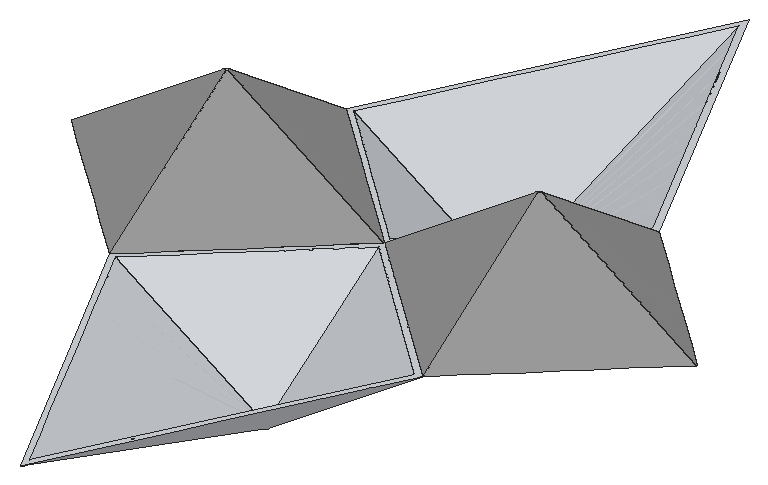
Revit family "CLD-FCT-016_KITE_RTV", category Modelos genéricos, Revit 2022 (continued)
Definition of nested family "CLD-FCT-016_KITE_2_RTV"
  Forms (in)
    Extrusion 307, solid, not visible
      sketch origin (-38.13338, 0.00149, -1.20924) x (0, 1, 0) y (0, 0, -1)
        loop
          line (0.96881, 1.14538) -> (0.96881, -1.85462) -> (0.65631, -1.85462) -> (0.65631, -2.35462) -> (0.96881, -2.35462) -> (3.48948, -2.35462) -> (3.48948, -0.60462) -> (4.19814, -0.60462) -> (4.19814, -2.35462) -> (9.23948, -2.35462) -> (9.23948, -0.60462) -> (9.94814, -0.60462) -> (9.94814, -2.35462) -> (14.98948, -2.35462) -> (14.98948, -0.60462) -> (15.69814, -0.60462) -> (15.69814, -2.35462) -> (20.73948, -2.35462) -> (20.73948, -0.60462) -> (21.44814, -0.60462) -> (21.44814, -2.35462) -> (24.28131, -2.35462) -> (24.28131, -1.85462) -> (23.96881, -1.85462) -> (23.96881, 1.14538) -> (0.96881, 1.14538)
      from -3.96341 to -3.49097
    Extrusion 308, solid, not visible
      sketch origin (-32.38338, 0.00149, -1.20924) x (0, 1, 0) y (0, 0, -1)
        loop
          line (0.96881, 1.14538) -> (0.96881, -1.85462) -> (0.65631, -1.85462) -> (0.65631, -2.35462) -> (0.96881, -2.35462) -> (3.48948, -2.35462) -> (3.48948, -0.60462) -> (4.19814, -0.60462) -> (4.19814, -2.35462) -> (9.23948, -2.35462) -> (9.23948, -0.60462) -> (9.94814, -0.60462) -> (9.94814, -2.35462) -> (14.98948, -2.35462) -> (14.98948, -0.60462) -> (15.69814, -0.60462) -> (15.69814, -2.35462) -> (20.73948, -2.35462) -> (20.73948, -0.60462) -> (21.44814, -0.60462) -> (21.44814, -2.35462) -> (24.28131, -2.35462) -> (24.28131, -1.85462) -> (23.96881, -1.85462) -> (23.96881, 1.14538) -> (0.96881, 1.14538)
      from -3.96341 to -3.49097
    Extrusion 309, solid, not visible
      sketch origin (-26.63338, 0.00149, -1.20924) x (0, 1, 0) y (0, 0, -1)
        loop
          line (0.96881, 1.14538) -> (0.96881, -1.85462) -> (0.65631, -1.85462) -> (0.65631, -2.35462) -> (0.96881, -2.35462) -> (3.48948, -2.35462) -> (3.48948, -0.60462) -> (4.19814, -0.60462) -> (4.19814, -2.35462) -> (9.23948, -2.35462) -> (9.23948, -0.60462) -> (9.94814, -0.60462) -> (9.94814, -2.35462) -> (14.98948, -2.35462) -> (14.98948, -0.60462) -> (15.69814, -0.60462) -> (15.69814, -2.35462) -> (20.73948, -2.35462) -> (20.73948, -0.60462) -> (21.44814, -0.60462) -> (21.44814, -2.35462) -> (24.28131, -2.35462) -> (24.28131, -1.85462) -> (23.96881, -1.85462) -> (23.96881, 1.14538) -> (0.96881, 1.14538)
      from -3.96341 to -3.49097
    Extrusion 310, solid, not visible
      sketch origin (-44, 0, 0) x (1, 0, 0) y (0, 0, 1)
        loop
          line (0.96881, 0.64538) -> (0.96881, -2.35462) -> (3.48948, -2.35462) -> (3.48948, -0.60462) -> (4.19814, -0.60462) -> (4.19814, -2.35462) -> (9.23948, -2.35462) -> (9.23948, -0.60462) -> (9.94814, -0.60462) -> (9.94814, -2.35462) -> (14.98948, -2.35462) -> (14.98948, -0.60462) -> (15.69814, -0.60462) -> (15.69814, -2.35462) -> (20.73948, -2.35462) -> (20.73948, -0.60462) -> (21.44814, -0.60462) -> (21.44814, -2.35462) -> (23.96881, -2.35462) -> (23.96881, 0.64538) -> (24.28131, 0.64538) -> (24.28131, 1.14538) -> (0.65631, 1.14538) -> (0.65631, 0.64538) -> (0.96881, 0.64538)
      from -3.60908 to -3.49097
    Extrusion 311, solid, not visible
      sketch origin (-44, 0, 0) x (1, 0, 0) y (0, 0, 1)
        loop
          line (0.96881, 0.64538) -> (0.96881, -2.35462) -> (3.48948, -2.35462) -> (3.48948, -0.60462) -> (4.19814, -0.60462) -> (4.19814, -2.35462) -> (9.23948, -2.35462) -> (9.23948, -0.60462) -> (9.94814, -0.60462) -> (9.94814, -2.35462) -> (14.98948, -2.35462) -> (14.98948, -0.60462) -> (15.69814, -0.60462) -> (15.69814, -2.35462) -> (20.73948, -2.35462) -> (20.73948, -0.60462) -> (21.44814, -0.60462) -> (21.44814, -2.35462) -> (23.96881, -2.35462) -> (23.96881, 0.64538) -> (24.28131, 0.64538) -> (24.28131, 1.14538) -> (0.65631, 1.14538) -> (0.65631, 0.64538) -> (0.96881, 0.64538)
      from -4.08152 to -3.60908
    Extrusion 312, solid, not visible
      sketch origin (-44, 0, 0) x (1, 0, 0) y (0, 0, 1)
        loop
          line (0.96881, 0.64538) -> (0.96881, -2.35462) -> (3.48948, -2.35462) -> (3.48948, -0.60462) -> (4.19814, -0.60462) -> (4.19814, -2.35462) -> (9.23948, -2.35462) -> (9.23948, -0.60462) -> (9.94814, -0.60462) -> (9.94814, -2.35462) -> (14.98948, -2.35462) -> (14.98948, -0.60462) -> (15.69814, -0.60462) -> (15.69814, -2.35462) -> (20.73948, -2.35462) -> (20.73948, -0.60462) -> (21.44814, -0.60462) -> (21.44814, -2.35462) -> (23.96881, -2.35462) -> (23.96881, 0.64538) -> (24.28131, 0.64538) -> (24.28131, 1.14538) -> (0.65631, 1.14538) -> (0.65631, 0.64538) -> (0.96881, 0.64538)
      from -4.19963 to -4.08152
    Extrusion 313, solid, not visible
      sketch origin (-44.00149, 0.00149, -1.20924) x (0, 1, 0) y (0, 0, -1)
        loop
          line (0.96881, 1.14538) -> (0.96881, -1.85462) -> (0.65631, -1.85462) -> (0.65631, -2.35462) -> (0.96881, -2.35462) -> (3.48948, -2.35462) -> (3.48948, -0.60462) -> (4.19814, -0.60462) -> (4.19814, -2.35462) -> (9.23948, -2.35462) -> (9.23948, -0.60462) -> (9.94814, -0.60462) -> (9.94814, -2.35462) -> (14.98948, -2.35462) -> (14.98948, -0.60462) -> (15.69814, -0.60462) -> (15.69814, -2.35462) -> (20.73948, -2.35462) -> (20.73948, -0.60462) -> (21.44814, -0.60462) -> (21.44814, -2.35462) -> (24.28131, -2.35462) -> (24.28131, -1.85462) -> (23.96881, -1.85462) -> (23.96881, 1.14538) -> (0.96881, 1.14538)
      from -3.60908 to -3.49097
    Extrusion 314, solid, not visible
      sketch origin (-43.88338, 0.00149, -1.20924) x (0, 1, 0) y (0, 0, -1)
        loop
          line (0.96881, 1.14538) -> (0.96881, -1.85462) -> (0.65631, -1.85462) -> (0.65631, -2.35462) -> (0.96881, -2.35462) -> (3.48948, -2.35462) -> (3.48948, -0.60462) -> (4.19814, -0.60462) -> (4.19814, -2.35462) -> (9.23948, -2.35462) -> (9.23948, -0.60462) -> (9.94814, -0.60462) -> (9.94814, -2.35462) -> (14.98948, -2.35462) -> (14.98948, -0.60462) -> (15.69814, -0.60462) -> (15.69814, -2.35462) -> (20.73948, -2.35462) -> (20.73948, -0.60462) -> (21.44814, -0.60462) -> (21.44814, -2.35462) -> (24.28131, -2.35462) -> (24.28131, -1.85462) -> (23.96881, -1.85462) -> (23.96881, 1.14538) -> (0.96881, 1.14538)
      from -3.96341 to -3.49097
    Extrusion 315, solid, not visible
      sketch origin (-44.00149, 0.00149, -1.20924) x (0, 1, 0) y (0, 0, -1)
        loop
          line (0.96881, 1.14538) -> (0.96881, -1.85462) -> (0.65631, -1.85462) -> (0.65631, -2.35462) -> (0.96881, -2.35462) -> (3.48948, -2.35462) -> (3.48948, -0.60462) -> (4.19814, -0.60462) -> (4.19814, -2.35462) -> (9.23948, -2.35462) -> (9.23948, -0.60462) -> (9.94814, -0.60462) -> (9.94814, -2.35462) -> (14.98948, -2.35462) -> (14.98948, -0.60462) -> (15.69814, -0.60462) -> (15.69814, -2.35462) -> (20.73948, -2.35462) -> (20.73948, -0.60462) -> (21.44814, -0.60462) -> (21.44814, -2.35462) -> (24.28131, -2.35462) -> (24.28131, -1.85462) -> (23.96881, -1.85462) -> (23.96881, 1.14538) -> (0.96881, 1.14538)
      from -4.19963 to -4.08152
    Extrusion 316, solid, not visible
      sketch origin (-44, 0, 0) x (1, 0, 0) y (0, 0, 1)
        loop
          line (0.96881, 0.64538) -> (0.96881, -2.35462) -> (3.48948, -2.35462) -> (3.48948, -0.60462) -> (4.19814, -0.60462) -> (4.19814, -2.35462) -> (9.23948, -2.35462) -> (9.23948, -0.60462) -> (9.94814, -0.60462) -> (9.94814, -2.35462) -> (14.98948, -2.35462) -> (14.98948, -0.60462) -> (15.69814, -0.60462) -> (15.69814, -2.35462) -> (20.73948, -2.35462) -> (20.73948, -0.60462) -> (21.44814, -0.60462) -> (21.44814, -2.35462) -> (23.96881, -2.35462) -> (23.96881, 0.64538) -> (24.28131, 0.64538) -> (24.28131, 1.14538) -> (0.65631, 1.14538) -> (0.65631, 0.64538) -> (0.96881, 0.64538)
      from -9.94963 to -9.83152
    Extrusion 317, solid, not visible
      sketch origin (-44, 0, 0) x (1, 0, 0) y (0, 0, 1)
        loop
          line (0.96881, 0.64538) -> (0.96881, -2.35462) -> (3.48948, -2.35462) -> (3.48948, -0.60462) -> (4.19814, -0.60462) -> (4.19814, -2.35462) -> (9.23948, -2.35462) -> (9.23948, -0.60462) -> (9.94814, -0.60462) -> (9.94814, -2.35462) -> (14.98948, -2.35462) -> (14.98948, -0.60462) -> (15.69814, -0.60462) -> (15.69814, -2.35462) -> (20.73948, -2.35462) -> (20.73948, -0.60462) -> (21.44814, -0.60462) -> (21.44814, -2.35462) -> (23.96881, -2.35462) -> (23.96881, 0.64538) -> (24.28131, 0.64538) -> (24.28131, 1.14538) -> (0.65631, 1.14538) -> (0.65631, 0.64538) -> (0.96881, 0.64538)
      from -9.35908 to -9.24097
    Extrusion 318, solid, not visible
      sketch origin (-44, 0, 0) x (1, 0, 0) y (0, 0, 1)
        loop
          line (0.96881, 0.64538) -> (0.96881, -2.35462) -> (3.48948, -2.35462) -> (3.48948, -0.60462) -> (4.19814, -0.60462) -> (4.19814, -2.35462) -> (9.23948, -2.35462) -> (9.23948, -0.60462) -> (9.94814, -0.60462) -> (9.94814, -2.35462) -> (14.98948, -2.35462) -> (14.98948, -0.60462) -> (15.69814, -0.60462) -> (15.69814, -2.35462) -> (20.73948, -2.35462) -> (20.73948, -0.60462) -> (21.44814, -0.60462) -> (21.44814, -2.35462) -> (23.96881, -2.35462) -> (23.96881, 0.64538) -> (24.28131, 0.64538) -> (24.28131, 1.14538) -> (0.65631, 1.14538) -> (0.65631, 0.64538) -> (0.96881, 0.64538)
      from -9.83152 to -9.35908
    Extrusion 319, solid, not visible
      sketch origin (-44, 0, 0) x (1, 0, 0) y (0, 0, 1)
        loop
          line (0.96881, 0.64538) -> (0.96881, -2.35462) -> (3.48948, -2.35462) -> (3.48948, -0.60462) -> (4.19814, -0.60462) -> (4.19814, -2.35462) -> (9.23948, -2.35462) -> (9.23948, -0.60462) -> (9.94814, -0.60462) -> (9.94814, -2.35462) -> (14.98948, -2.35462) -> (14.98948, -0.60462) -> (15.69814, -0.60462) -> (15.69814, -2.35462) -> (20.73948, -2.35462) -> (20.73948, -0.60462) -> (21.44814, -0.60462) -> (21.44814, -2.35462) -> (23.96881, -2.35462) -> (23.96881, 0.64538) -> (24.28131, 0.64538) -> (24.28131, 1.14538) -> (0.65631, 1.14538) -> (0.65631, 0.64538) -> (0.96881, 0.64538)
      from -15.69963 to -15.58152
    Extrusion 320, solid, not visible
      sketch origin (-44, 0, 0) x (1, 0, 0) y (0, 0, 1)
        loop
          line (0.96881, 0.64538) -> (0.96881, -2.35462) -> (3.48948, -2.35462) -> (3.48948, -0.60462) -> (4.19814, -0.60462) -> (4.19814, -2.35462) -> (9.23948, -2.35462) -> (9.23948, -0.60462) -> (9.94814, -0.60462) -> (9.94814, -2.35462) -> (14.98948, -2.35462) -> (14.98948, -0.60462) -> (15.69814, -0.60462) -> (15.69814, -2.35462) -> (20.73948, -2.35462) -> (20.73948, -0.60462) -> (21.44814, -0.60462) -> (21.44814, -2.35462) -> (23.96881, -2.35462) -> (23.96881, 0.64538) -> (24.28131, 0.64538) -> (24.28131, 1.14538) -> (0.65631, 1.14538) -> (0.65631, 0.64538) -> (0.96881, 0.64538)
      from -15.10908 to -14.99097
    Extrusion 321, solid, not visible
      sketch origin (-44, 0, 0) x (1, 0, 0) y (0, 0, 1)
        loop
          line (0.96881, 0.64538) -> (0.96881, -2.35462) -> (3.48948, -2.35462) -> (3.48948, -0.60462) -> (4.19814, -0.60462) -> (4.19814, -2.35462) -> (9.23948, -2.35462) -> (9.23948, -0.60462) -> (9.94814, -0.60462) -> (9.94814, -2.35462) -> (14.98948, -2.35462) -> (14.98948, -0.60462) -> (15.69814, -0.60462) -> (15.69814, -2.35462) -> (20.73948, -2.35462) -> (20.73948, -0.60462) -> (21.44814, -0.60462) -> (21.44814, -2.35462) -> (23.96881, -2.35462) -> (23.96881, 0.64538) -> (24.28131, 0.64538) -> (24.28131, 1.14538) -> (0.65631, 1.14538) -> (0.65631, 0.64538) -> (0.96881, 0.64538)
      from -15.58152 to -15.10908
    Extrusion 322, solid, not visible
      sketch origin (-44, 0, 0) x (1, 0, 0) y (0, 0, 1)
        loop
          line (0.96881, 0.64538) -> (0.96881, -2.35462) -> (3.48948, -2.35462) -> (3.48948, -0.60462) -> (4.19814, -0.60462) -> (4.19814, -2.35462) -> (9.23948, -2.35462) -> (9.23948, -0.60462) -> (9.94814, -0.60462) -> (9.94814, -2.35462) -> (14.98948, -2.35462) -> (14.98948, -0.60462) -> (15.69814, -0.60462) -> (15.69814, -2.35462) -> (20.73948, -2.35462) -> (20.73948, -0.60462) -> (21.44814, -0.60462) -> (21.44814, -2.35462) -> (23.96881, -2.35462) -> (23.96881, 0.64538) -> (24.28131, 0.64538) -> (24.28131, 1.14538) -> (0.65631, 1.14538) -> (0.65631, 0.64538) -> (0.96881, 0.64538)
      from -21.44963 to -21.33152
    Extrusion 323, solid, not visible
      sketch origin (-44, 0, 0) x (1, 0, 0) y (0, 0, 1)
        loop
          line (0.96881, 0.64538) -> (0.96881, -2.35462) -> (3.48948, -2.35462) -> (3.48948, -0.60462) -> (4.19814, -0.60462) -> (4.19814, -2.35462) -> (9.23948, -2.35462) -> (9.23948, -0.60462) -> (9.94814, -0.60462) -> (9.94814, -2.35462) -> (14.98948, -2.35462) -> (14.98948, -0.60462) -> (15.69814, -0.60462) -> (15.69814, -2.35462) -> (20.73948, -2.35462) -> (20.73948, -0.60462) -> (21.44814, -0.60462) -> (21.44814, -2.35462) -> (23.96881, -2.35462) -> (23.96881, 0.64538) -> (24.28131, 0.64538) -> (24.28131, 1.14538) -> (0.65631, 1.14538) -> (0.65631, 0.64538) -> (0.96881, 0.64538)
      from -20.85908 to -20.74097
    Extrusion 324, solid, not visible
      sketch origin (-44, 0, 0) x (1, 0, 0) y (0, 0, 1)
        loop
          line (0.96881, 0.64538) -> (0.96881, -2.35462) -> (3.48948, -2.35462) -> (3.48948, -0.60462) -> (4.19814, -0.60462) -> (4.19814, -2.35462) -> (9.23948, -2.35462) -> (9.23948, -0.60462) -> (9.94814, -0.60462) -> (9.94814, -2.35462) -> (14.98948, -2.35462) -> (14.98948, -0.60462) -> (15.69814, -0.60462) -> (15.69814, -2.35462) -> (20.73948, -2.35462) -> (20.73948, -0.60462) -> (21.44814, -0.60462) -> (21.44814, -2.35462) -> (23.96881, -2.35462) -> (23.96881, 0.64538) -> (24.28131, 0.64538) -> (24.28131, 1.14538) -> (0.65631, 1.14538) -> (0.65631, 0.64538) -> (0.96881, 0.64538)
      from -21.33152 to -20.85908
    Extrusion 325, solid, not visible
      sketch origin (-38.25149, 0.00149, -1.20924) x (0, 1, 0) y (0, 0, -1)
        loop
          line (0.96881, 1.14538) -> (0.96881, -1.85462) -> (0.65631, -1.85462) -> (0.65631, -2.35462) -> (0.96881, -2.35462) -> (3.48948, -2.35462) -> (3.48948, -0.60462) -> (4.19814, -0.60462) -> (4.19814, -2.35462) -> (9.23948, -2.35462) -> (9.23948, -0.60462) -> (9.94814, -0.60462) -> (9.94814, -2.35462) -> (14.98948, -2.35462) -> (14.98948, -0.60462) -> (15.69814, -0.60462) -> (15.69814, -2.35462) -> (20.73948, -2.35462) -> (20.73948, -0.60462) -> (21.44814, -0.60462) -> (21.44814, -2.35462) -> (24.28131, -2.35462) -> (24.28131, -1.85462) -> (23.96881, -1.85462) -> (23.96881, 1.14538) -> (0.96881, 1.14538)
      from -4.19963 to -4.08152
    Extrusion 326, solid, not visible
      sketch origin (-38.84204, 0.00149, -1.20924) x (0, 1, 0) y (0, 0, -1)
        loop
          line (0.96881, 1.14538) -> (0.96881, -1.85462) -> (0.65631, -1.85462) -> (0.65631, -2.35462) -> (0.96881, -2.35462) -> (3.48948, -2.35462) -> (3.48948, -0.60462) -> (4.19814, -0.60462) -> (4.19814, -2.35462) -> (9.23948, -2.35462) -> (9.23948, -0.60462) -> (9.94814, -0.60462) -> (9.94814, -2.35462) -> (14.98948, -2.35462) -> (14.98948, -0.60462) -> (15.69814, -0.60462) -> (15.69814, -2.35462) -> (20.73948, -2.35462) -> (20.73948, -0.60462) -> (21.44814, -0.60462) -> (21.44814, -2.35462) -> (24.28131, -2.35462) -> (24.28131, -1.85462) -> (23.96881, -1.85462) -> (23.96881, 1.14538) -> (0.96881, 1.14538)
      from -4.19963 to -4.08152
    Extrusion 327, solid, not visible
      sketch origin (-32.50149, 0.00149, -1.20924) x (0, 1, 0) y (0, 0, -1)
        loop
          line (0.96881, 1.14538) -> (0.96881, -1.85462) -> (0.65631, -1.85462) -> (0.65631, -2.35462) -> (0.96881, -2.35462) -> (3.48948, -2.35462) -> (3.48948, -0.60462) -> (4.19814, -0.60462) -> (4.19814, -2.35462) -> (9.23948, -2.35462) -> (9.23948, -0.60462) -> (9.94814, -0.60462) -> (9.94814, -2.35462) -> (14.98948, -2.35462) -> (14.98948, -0.60462) -> (15.69814, -0.60462) -> (15.69814, -2.35462) -> (20.73948, -2.35462) -> (20.73948, -0.60462) -> (21.44814, -0.60462) -> (21.44814, -2.35462) -> (24.28131, -2.35462) -> (24.28131, -1.85462) -> (23.96881, -1.85462) -> (23.96881, 1.14538) -> (0.96881, 1.14538)
      from -4.19963 to -4.08152
    Extrusion 328, solid, not visible
      sketch origin (-33.09204, 0.00149, -1.20924) x (0, 1, 0) y (0, 0, -1)
        loop
          line (0.96881, 1.14538) -> (0.96881, -1.85462) -> (0.65631, -1.85462) -> (0.65631, -2.35462) -> (0.96881, -2.35462) -> (3.48948, -2.35462) -> (3.48948, -0.60462) -> (4.19814, -0.60462) -> (4.19814, -2.35462) -> (9.23948, -2.35462) -> (9.23948, -0.60462) -> (9.94814, -0.60462) -> (9.94814, -2.35462) -> (14.98948, -2.35462) -> (14.98948, -0.60462) -> (15.69814, -0.60462) -> (15.69814, -2.35462) -> (20.73948, -2.35462) -> (20.73948, -0.60462) -> (21.44814, -0.60462) -> (21.44814, -2.35462) -> (24.28131, -2.35462) -> (24.28131, -1.85462) -> (23.96881, -1.85462) -> (23.96881, 1.14538) -> (0.96881, 1.14538)
      from -4.19963 to -4.08152
    Extrusion 329, solid, not visible
      sketch origin (-27.34204, 0.00149, -1.20924) x (0, 1, 0) y (0, 0, -1)
        loop
          line (0.96881, 1.14538) -> (0.96881, -1.85462) -> (0.65631, -1.85462) -> (0.65631, -2.35462) -> (0.96881, -2.35462) -> (3.48948, -2.35462) -> (3.48948, -0.60462) -> (4.19814, -0.60462) -> (4.19814, -2.35462) -> (9.23948, -2.35462) -> (9.23948, -0.60462) -> (9.94814, -0.60462) -> (9.94814, -2.35462) -> (14.98948, -2.35462) -> (14.98948, -0.60462) -> (15.69814, -0.60462) -> (15.69814, -2.35462) -> (20.73948, -2.35462) -> (20.73948, -0.60462) -> (21.44814, -0.60462) -> (21.44814, -2.35462) -> (24.28131, -2.35462) -> (24.28131, -1.85462) -> (23.96881, -1.85462) -> (23.96881, 1.14538) -> (0.96881, 1.14538)
      from -4.19963 to -4.08152
    Extrusion 330, solid, not visible
      sketch origin (-26.75149, 0.00149, -1.20924) x (0, 1, 0) y (0, 0, -1)
        loop
          line (0.96881, 1.14538) -> (0.96881, -1.85462) -> (0.65631, -1.85462) -> (0.65631, -2.35462) -> (0.96881, -2.35462) -> (3.48948, -2.35462) -> (3.48948, -0.60462) -> (4.19814, -0.60462) -> (4.19814, -2.35462) -> (9.23948, -2.35462) -> (9.23948, -0.60462) -> (9.94814, -0.60462) -> (9.94814, -2.35462) -> (14.98948, -2.35462) -> (14.98948, -0.60462) -> (15.69814, -0.60462) -> (15.69814, -2.35462) -> (20.73948, -2.35462) -> (20.73948, -0.60462) -> (21.44814, -0.60462) -> (21.44814, -2.35462) -> (24.28131, -2.35462) -> (24.28131, -1.85462) -> (23.96881, -1.85462) -> (23.96881, 1.14538) -> (0.96881, 1.14538)
      from -4.19963 to -4.08152
    Extrusion 331, solid, not visible
      sketch origin (-38.13338, 0.00149, -1.20924) x (0, 1, 0) y (0, 0, -1)
        loop
          line (0.96881, 1.14538) -> (0.96881, -1.85462) -> (0.65631, -1.85462) -> (0.65631, -2.35462) -> (0.96881, -2.35462) -> (3.48948, -2.35462) -> (3.48948, -0.60462) -> (4.19814, -0.60462) -> (4.19814, -2.35462) -> (9.23948, -2.35462) -> (9.23948, -0.60462) -> (9.94814, -0.60462) -> (9.94814, -2.35462) -> (14.98948, -2.35462) -> (14.98948, -0.60462) -> (15.69814, -0.60462) -> (15.69814, -2.35462) -> (20.73948, -2.35462) -> (20.73948, -0.60462) -> (21.44814, -0.60462) -> (21.44814, -2.35462) -> (24.28131, -2.35462) -> (24.28131, -1.85462) -> (23.96881, -1.85462) -> (23.96881, 1.14538) -> (0.96881, 1.14538)
      from -3.96341 to -3.49097
    Extrusion 332, solid, not visible
      sketch origin (-32.38338, 0.00149, -1.20924) x (0, 1, 0) y (0, 0, -1)
        loop
          line (0.96881, 1.14538) -> (0.96881, -1.85462) -> (0.65631, -1.85462) -> (0.65631, -2.35462) -> (0.96881, -2.35462) -> (3.48948, -2.35462) -> (3.48948, -0.60462) -> (4.19814, -0.60462) -> (4.19814, -2.35462) -> (9.23948, -2.35462) -> (9.23948, -0.60462) -> (9.94814, -0.60462) -> (9.94814, -2.35462) -> (14.98948, -2.35462) -> (14.98948, -0.60462) -> (15.69814, -0.60462) -> (15.69814, -2.35462) -> (20.73948, -2.35462) -> (20.73948, -0.60462) -> (21.44814, -0.60462) -> (21.44814, -2.35462) -> (24.28131, -2.35462) -> (24.28131, -1.85462) -> (23.96881, -1.85462) -> (23.96881, 1.14538) -> (0.96881, 1.14538)
      from -3.96341 to -3.49097
    Extrusion 333, solid, not visible
      sketch origin (-26.63338, 0.00149, -1.20924) x (0, 1, 0) y (0, 0, -1)
        loop
          line (0.96881, 1.14538) -> (0.96881, -1.85462) -> (0.65631, -1.85462) -> (0.65631, -2.35462) -> (0.96881, -2.35462) -> (3.48948, -2.35462) -> (3.48948, -0.60462) -> (4.19814, -0.60462) -> (4.19814, -2.35462) -> (9.23948, -2.35462) -> (9.23948, -0.60462) -> (9.94814, -0.60462) -> (9.94814, -2.35462) -> (14.98948, -2.35462) -> (14.98948, -0.60462) -> (15.69814, -0.60462) -> (15.69814, -2.35462) -> (20.73948, -2.35462) -> (20.73948, -0.60462) -> (21.44814, -0.60462) -> (21.44814, -2.35462) -> (24.28131, -2.35462) -> (24.28131, -1.85462) -> (23.96881, -1.85462) -> (23.96881, 1.14538) -> (0.96881, 1.14538)
      from -3.96341 to -3.49097
    Extrusion 334, solid, not visible
      sketch origin (0, 0, 0) x (1, 0, 0) y (0, 1, 0)
        loop
          line (0, 0.11811) -> (0, 0) -> (48, 0) -> (48, 0.11811) -> (0, 0.11811)
      from 0 to 108
    Extrusion 335, solid, not visible
      sketch origin (0, 0, 0) x (1, 0, 0) y (0, 1, 0)
        loop
          line (0, 0.59055) -> (0, 0.11811) -> (48, 0.11811) -> (48, 0.59055) -> (0, 0.59055)
      from 0 to 108
    Extrusion 336, solid, not visible
      sketch origin (20.06218, -10.5, 0) x (0.5, 0.866025, 0) y (-0.866025, 0.5, 0)
        loop
          line (26.12436, 24.24871) -> (1.87564, 24.24871) -> (0, 21) -> (12.12436, 0) -> (36.37307, 0) -> (38.24871, 3.24871) -> (26.12436, 24.24871)
        loop
          line (35.82754, 0.94488) -> (37.15766, 3.24871) -> (25.57883, 23.30383) -> (2.42117, 23.30383) -> (1.09106, 21) -> (12.66988, 0.94488) -> (35.82754, 0.94488)
      from 0 to 10
    Extrusion 337, solid, not visible
      sketch origin (18.18653, 13.74871, 0) x (-0.5, 0.866025, 0) y (-0.866025, -0.5, 0)
        loop
          line (26.12436, 24.24871) -> (1.87564, 24.24871) -> (0, 21) -> (12.12436, 0) -> (36.37307, 0) -> (38.24871, 3.24871) -> (26.12436, 24.24871)
        loop
          line (35.82754, 0.94488) -> (37.15766, 3.24871) -> (25.57883, 23.30383) -> (2.42117, 23.30383) -> (1.09106, 21) -> (12.66988, 0.94488) -> (35.82754, 0.94488)
      from 0 to 10
    Extrusion 338, solid, not visible
      sketch origin (-23.81347, -10.5, 0) x (-0.5, 0.866025, 0) y (-0.866025, -0.5, 0)
        loop
          line (26.12436, -24.24871) -> (38.24871, -3.24871) -> (36.37307, 0) -> (12.12436, 0) -> (0, -21) -> (1.87564, -24.24871) -> (26.12436, -24.24871)
        loop
          line (35.82754, -0.94488) -> (12.66988, -0.94488) -> (1.09106, -21) -> (2.42117, -23.30383) -> (25.57883, -23.30383) -> (37.15766, -3.24871) -> (35.82754, -0.94488)
      from 0 to 10
    Extrusion 339, solid, not visible
      sketch origin (20.06218, 10.5, 0) x (0.5, -0.866025, 0) y (0.866025, 0.5, 0)
        loop
          line (26.12436, -24.24871) -> (38.24871, -3.24871) -> (36.37307, 0) -> (12.12436, 0) -> (0, -21) -> (1.87564, -24.24871) -> (26.12436, -24.24871)
        loop
          line (35.82754, -0.94488) -> (12.66988, -0.94488) -> (1.09106, -21) -> (2.42117, -23.30383) -> (25.57883, -23.30383) -> (37.15766, -3.24871) -> (35.82754, -0.94488)
      from 0 to 10
    Extrusion 340, solid, not visible
      sketch origin (18.18653, -13.74871, 0) x (-0.5, -0.866025, 0) y (0.866025, -0.5, 0)
        loop
          line (26.12436, -24.24871) -> (38.24871, -3.24871) -> (36.37307, 0) -> (12.12436, 0) -> (0, -21) -> (1.87564, -24.24871) -> (26.12436, -24.24871)
        loop
          line (35.82754, -0.94488) -> (12.66988, -0.94488) -> (1.09106, -21) -> (2.42117, -23.30383) -> (25.57883, -23.30383) -> (37.15766, -3.24871) -> (35.82754, -0.94488)
      from 0 to 10
    Extrusion 341, solid, not visible
      sketch origin (-23.81347, 10.5, 0) x (-0.5, -0.866025, 0) y (0.866025, -0.5, 0)
        loop
          line (26.12436, 24.24871) -> (1.87564, 24.24871) -> (0, 21) -> (12.12436, 0) -> (36.37307, 0) -> (38.24871, 3.24871) -> (26.12436, 24.24871)
        loop
          line (35.82754, 0.94488) -> (37.15766, 3.24871) -> (25.57883, 23.30383) -> (2.42117, 23.30383) -> (1.09106, 21) -> (12.66988, 0.94488) -> (35.82754, 0.94488)
      from 0 to 10
    Extrusion 342, solid, not visible
      sketch origin (-21.93782, 13.74871, 0) x (0.5, 0.866025, 0) y (-0.866025, 0.5, 0)
        loop
          line (26.12436, 24.24871) -> (1.87564, 24.24871) -> (0, 21) -> (12.12436, 0) -> (36.37307, 0) -> (38.24871, 3.24871) -> (26.12436, 24.24871)
        loop
          line (35.82754, 0.94488) -> (37.15766, 3.24871) -> (25.57883, 23.30383) -> (2.42117, 23.30383) -> (1.09106, 21) -> (12.66988, 0.94488) -> (35.82754, 0.94488)
      from 0 to 10
    Extrusion 343, solid, not visible
      sketch origin (-21.94005, -13.75, 0) x (0.5, -0.866025, 0) y (0.866025, 0.5, 0)
        loop
          line (26.12436, -24.24871) -> (38.24871, -3.24871) -> (36.37307, 0) -> (12.12436, 0) -> (0, -21) -> (1.87564, -24.24871) -> (26.12436, -24.24871)
        loop
          line (35.82754, -0.94488) -> (12.66988, -0.94488) -> (1.09106, -21) -> (2.42117, -23.30383) -> (25.57883, -23.30383) -> (37.15766, -3.24871) -> (35.82754, -0.94488)
      from 0 to 10
    Extrusion 344, solid, not visible
      sketch origin (60.18877, 10.50129, 0) x (-0.5, -0.866025, 0) y (0.866025, -0.5, 0)
        loop
          line (26.12436, -24.24871) -> (38.24871, -3.24871) -> (36.37307, 0) -> (12.12436, 0) -> (0, -21) -> (1.87564, -24.24871) -> (26.12436, -24.24871)
        loop
          line (35.82754, -0.94488) -> (12.66988, -0.94488) -> (1.09106, -21) -> (2.42117, -23.30383) -> (25.57883, -23.30383) -> (37.15766, -3.24871) -> (35.82754, -0.94488)
      from 0 to 10
    Extrusion 345, solid, not visible
      sketch origin (0, 0, 0) x (1, 0, 0) y (0, 1, 0)
        loop
          line (1.38495, 0.94488) -> (46.11178, 0.94488) -> (23.74836, 39.67946) -> (1.38495, 0.94488)
        loop
          line (47.17101, 0) -> (47.45969, 0.5) -> (24.03704, 41.06922) -> (23.45969, 41.06922) -> (0.03704, 0.5) -> (0.32571, 0) -> (47.17101, 0)
      from 0 to 6
    Extrusion 346, solid, not visible
      sketch origin (0, 0, 0) x (1, 0, 0) y (0, 1, 0)
        loop
          line (2.47701, 2.83638) -> (45.01972, 2.83638) -> (44.51972, 3.70241) -> (2.97701, 3.70241) -> (2.47701, 2.83638)
      from 2.04823 to 4.04823
    Extrusion 347, solid, not visible
      sketch origin (0, 3.8662, 0) x (1, 0, 0) y (0, 1, 0)
        loop
          line (4.70916, 2.83638) -> (42.78757, 2.83638) -> (42.28757, 3.70241) -> (5.20916, 3.70241) -> (4.70916, 2.83638)
      from 2.04823 to 4.04823
    Extrusion 348, solid, not visible
      sketch origin (0, 7.73239, 0) x (1, 0, 0) y (0, 1, 0)
        loop
          line (6.94131, 2.83638) -> (40.55542, 2.83638) -> (40.05542, 3.70241) -> (7.44131, 3.70241) -> (6.94131, 2.83638)
      from 2.04823 to 4.04823
    Extrusion 349, solid, not visible
      sketch origin (0, 11.59859, 0) x (1, 0, 0) y (0, 1, 0)
        loop
          line (9.17346, 2.83638) -> (38.32327, 2.83638) -> (37.82327, 3.70241) -> (9.67346, 3.70241) -> (9.17346, 2.83638)
      from 2.04823 to 4.04823
    Extrusion 350, solid, not visible
      sketch origin (0, 15.46479, 0) x (1, 0, 0) y (0, 1, 0)
        loop
          line (11.40561, 2.83638) -> (36.09112, 2.83638) -> (35.59112, 3.70241) -> (11.90561, 3.70241) -> (11.40561, 2.83638)
      from 2.04823 to 4.04823
    Extrusion 351, solid, not visible
      sketch origin (0, 19.33099, 0) x (1, 0, 0) y (0, 1, 0)
        loop
          line (13.63776, 2.83638) -> (33.85897, 2.83638) -> (33.35897, 3.70241) -> (14.13776, 3.70241) -> (13.63776, 2.83638)
      from 2.04823 to 4.04823
    Extrusion 352, solid, not visible
      sketch origin (0, 23.19718, 0) x (1, 0, 0) y (0, 1, 0)
        loop
          line (15.86991, 2.83638) -> (31.62682, 2.83638) -> (31.12682, 3.70241) -> (16.36991, 3.70241) -> (15.86991, 2.83638)
      from 2.04823 to 4.04823
    Extrusion 353, solid, not visible
      sketch origin (0, 27.06338, 0) x (1, 0, 0) y (0, 1, 0)
        loop
          line (18.10206, 2.83638) -> (29.39467, 2.83638) -> (28.89467, 3.70241) -> (18.60206, 3.70241) -> (18.10206, 2.83638)
      from 2.04823 to 4.04823
    Extrusion 354, solid, not visible
      sketch origin (0, 30.92958, 0) x (1, 0, 0) y (0, 1, 0)
        loop
          line (20.33421, 2.83638) -> (27.16252, 2.83638) -> (26.66252, 3.70241) -> (20.83421, 3.70241) -> (20.33421, 2.83638)
      from 2.04823 to 4.04823
    Blend 355, void
      base sketch origin (28.5, 0, 0) x (0, 1, 0) y (-1, 0, 0)
        loop
          line (27.5, 0.5) -> (40.5, 14.25) -> (27.5, 28) -> (14.5, 14.25) -> (27.5, 0.5)
      top sketch origin (28.5, 0, 0) x (0, 1, 0) y (-1, 0, 0)
        loop
          line (27.31482, 14.25) -> (27.4916, 14.07322) -> (27.66838, 14.25) -> (27.4916, 14.42678) -> (27.31482, 14.25)
      from 0 to 8.95603
    Blend 356, void, not visible
      base sketch origin (28.5, 0, 0) x (-1, 0, 0) y (0, -1, 0)
        loop
          line (28, -27.5) -> (14.25, -14.5) -> (0.5, -27.5) -> (14.25, -40.5) -> (28, -27.5)
      top sketch origin (28.5, 0, 0) x (-1, 0, 0) y (0, -1, 0)
        loop
          line (14.25, -27.31482) -> (14.07322, -27.4916) -> (14.25, -27.66838) -> (14.42678, -27.4916) -> (14.25, -27.31482)
      from 0 to 8.95603
    Blend 357, solid, not visible
      base sketch origin (28.5, 0, 0) x (-1, 0, 0) y (0, -1, 0)
        loop
          line (-0.11528, -27.60638) -> (14.25, -41.18809) -> (28.61528, -27.60638) -> (14.25, -14.02466) -> (-0.11528, -27.60638)
      top sketch origin (28.5, 0, 0) x (-1, 0, 0) y (0, -1, 0)
        loop
          line (14.07322, -27.4916) -> (14.25, -27.66838) -> (14.42678, -27.4916) -> (14.25, -27.31482) -> (14.07322, -27.4916)
      from 0 to 9.25466
    Blend 358, void
      base sketch origin (28.5, 0, 0) x (-1, 0, 0) y (0, -1, 0)
        loop
          line (0.5, -27.5) -> (14.25, -40.5) -> (28, -27.5) -> (14.25, -14.5) -> (0.5, -27.5)
      top sketch origin (28.5, 0, 0) x (-1, 0, 0) y (0, -1, 0)
        loop
          line (14.25, -27.31482) -> (14.07322, -27.4916) -> (14.25, -27.66838) -> (14.42678, -27.4916) -> (14.25, -27.31482)
      from 0 to 8.95603
    Blend 359, solid
      base sketch origin (28.5, 0, 0) x (-1, 0, 0) y (0, -1, 0)
        loop
          line (28.61528, -27.60638) -> (14.25, -14.02466) -> (-0.11528, -27.60638) -> (14.25, -41.18809) -> (28.61528, -27.60638)
      top sketch origin (28.5, 0, 0) x (-1, 0, 0) y (0, -1, 0)
        loop
          line (14.42678, -27.4916) -> (14.25, -27.31482) -> (14.07322, -27.4916) -> (14.25, -27.66838) -> (14.42678, -27.4916)
      from 0 to 9.25466
    Blend 360, void, not visible
      base sketch origin (28.5, 0, 0) x (0, 1, 0) y (-1, 0, 0)
        loop
          line (27.5, 0.5) -> (40.5, 14.25) -> (27.5, 28) -> (14.5, 14.25) -> (27.5, 0.5)
      top sketch origin (28.5, 0, 0) x (0, 1, 0) y (-1, 0, 0)
        loop
          line (27.31482, 14.25) -> (27.4916, 14.07322) -> (27.66838, 14.25) -> (27.4916, 14.42678) -> (27.31482, 14.25)
      from 0 to 8.95603
  Cuts and joins
    Blend 355, Blend 358 cuts Blend 359
  Dimensions and locks (in)
    aligned and locked: level to plane 2
